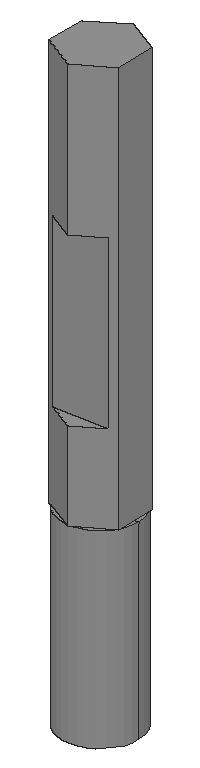
Revit family "Hammereinsatz Typ 2531 für Staberder ST, BP und OMEX", category Generic Models, Revit 2015
Parameters (values of type "2531 20")
  Width 1 = 6.9 mm
  Width = 16 mm
  URL = "http://www.obo-bettermann.com"
  Material = Steel
  Manufacturer Art.No. = "3043908"
  Manufacturer = "OBO Bettermann"
  Height 2 = 47.9 mm
  Height 1 = 80 mm
  Height = 250 mm
  GTIN = "4012195642312"
  Article Type = "2531 20"
Reference planes
  plane 1 "Center (Front/Back)": y = 0
  plane 2: z = 0
  plane 3 "Center (Left/Right)": x = 0
  plane 4: z = 250
  plane 5: z = 187
  plane 6: z = 117
Forms (mm)
  Revolve 1, solid, material "Steel" <- "Material"
    sketch origin (0, 0, 0) x (1, 0, 0) y (0, 0, 1)
      loop
        line (16, 0) -> (16, 80) -> (0, 80) -> (0, 47.9) -> (6.9, 47.9) -> (6.9, 0) -> (16, 0)
      axis (0, 80) -> (0, 0)
    angle from 0 to 360
  Extrusion 2, solid, material "Steel" <- "Material"
    sketch origin (0, 0, 0) x (1, 0, 0) y (0, 1, 0)
      loop
        line (14.417, 8.324) -> (0, 16.648) -> (-14.417, 8.324) -> (-14.417, -8.324) -> (0, -16.648) -> (14.417, -8.324) -> (14.417, 8.324)
    from 80 to 250
  Extrusion 3, void
    sketch origin (0, 0, 0) x (1, 0, 0) y (0, 1, 0)
      loop
        line (-15.265, -10) -> (-15.265, -22.55) -> (15.265, -22.55) -> (15.265, -10) -> (-15.265, -10)
    from 117 to 187
Cuts and joins
  Extrusion 3 cuts Revolve 1
  Extrusion 3 cuts Extrusion 2
Dimensions and locks
  "Width": Revolve 1 sketch curve to plane 3 "Center (Left/Right)"
  "Width 1": Revolve 1 sketch curve to plane 3 "Center (Left/Right)"
  "Height 2": Revolve 1 sketch curve to level
  "Height 1": Revolve 1 sketch curve to level
  "Height": plane 4 to level
  locked: Extrusion 3 sketch curve to plane 1 "Center (Front/Back)" at 10
  locked: Extrusion 3 sketch curve to Extrusion 3 sketch curve at 30.531
  equal spacing: Extrusion 3 sketch curve, plane 3 "Center (Left/Right)", Extrusion 3 sketch curve, locked at 15.265 each
  locked: Extrusion 3 sketch curve to Extrusion 3 sketch curve at 12.55
  locked: plane 4 to plane 5 at 63
  locked: plane 5 to plane 6 at 70
  aligned and locked: level to plane 2
  aligned and locked: Revolve 1 sketch curve to level
  aligned and locked: Revolve 1 sketch curve to plane 3 "Center (Left/Right)"
  aligned and locked: plane 4 to Extrusion 2
  aligned and locked: Extrusion 2 to Revolve 1
  aligned and locked: plane 6 to Extrusion 3
  aligned and locked: Extrusion 3 to plane 5
Automatic sketch dimensions
  Revolve 1 sketch curve to plane 3 "Center (Left/Right)" = 0 mm
  Revolve 1 sketch curve to level = 366.045 mm
  Revolve 1 sketch curve to Revolve 1 sketch curve = 2134.315 mm
